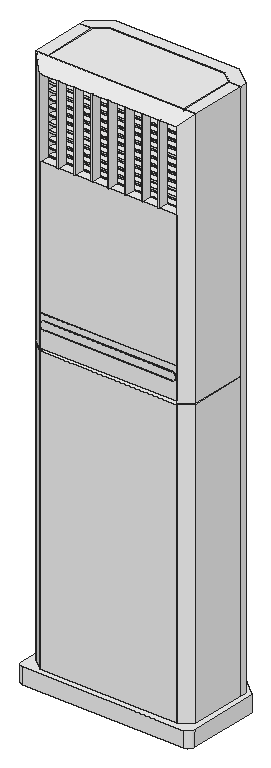
Revit family
Parameters (values of type "KO-M.E Office elec air conditioner AP-N1830 (525*317*1830)")
  Manufacturer = "SAMSUNG"
  Model = "AP-N1830"
  ventilation material = white shine
  upper face material = white shine
  switch material = Stainless Steel, polished 2-1
  side material = white shine
  rester material = white shine
  face material = white shine
  frame material = white shine
  Assembly Code = ""
Reference planes
  plane 1 "중심(앞/뒤)": y = 0
  plane 2: z = 0
  plane 3 "중심(왼쪽/오른쪽)": x = 0
  plane 4: y = 160
  plane 5: y = -160
  plane 6: x = -262.5
  plane 7: x = 262.5
  plane 8: z = 1830
  plane 9: x = -222.5
  plane 10: x = 222.5
  plane 11: y = -130
  plane 12: y = 137
  plane 13: y = 70
  plane 14: z = 50
  plane 15: z = 982
  plane 16: z = 984
  plane 17: z = 980
  plane 18: x = -282.5
  plane 19: x = 282.5
  plane 20: y = 180
  plane 21: y = -180
  plane 22: z = 1355
  plane 23: z = 1357
  plane 24: z = 1353
  plane 25: y = 80.423
  plane 26: y = 52.176
  plane 27: z = 1657.5
  plane 28: z = 1659.5
  plane 29: z = 1655.5
  plane 30: z = 1683.5
  plane 31: z = 1679.5
  plane 32: z = 1707.5
  plane 33: z = 1703.5
  plane 34: z = 1727.5
  plane 35: z = 1731.5
  plane 36: z = 1751.5
  plane 37: z = 1755.5
  plane 38: z = 1775.5
  plane 39: z = 1779.5
  plane 40: z = 1631.5
  plane 41: z = 1635.5
  plane 42: z = 1607.5
  plane 43: z = 1611.5
  plane 44: z = 1587.5
  plane 45: z = 1583.5
  plane 46: z = 1563.5
  plane 47: z = 1559.5
  plane 48: z = 1539.5
  plane 49: z = 1535.5
  plane 50: x = -2.5
  plane 51: x = 2.5
  plane 52: x = -57.5
  plane 53: x = -52.5
  plane 54: x = -112.5
  plane 55: x = -107.5
  plane 56: x = -167.5
  plane 57: x = -162.5
  plane 58: x = 57.5
  plane 59: x = 52.5
  plane 60: x = 112.5
  plane 61: x = 107.5
  plane 62: x = 167.5
  plane 63: x = 162.5
Forms (mm)
  Extrusion 1, solid, material "white shine" <- "face material"
    sketch origin (0, 0, 0) x (1, 0, 0) y (0, 1, 0)
      loop
        line (-222.5, -130) -> (-222.5, -160) -> (222.5, -160) -> (222.5, -130) -> (-222.5, -130)
    from 50 to 980
  Extrusion 2, solid, material "white shine" <- "face material"
    sketch origin (0, 0, 0) x (1, 0, 0) y (0, 1, 0)
      loop
        line (-222.5, -130) -> (-222.5, -160) -> (222.5, -160) -> (222.5, -130) -> (-222.5, -130)
    from 1093.864 to 1534
  Extrusion 3, solid, material "white shine" <- "rester material"
    sketch origin (0, 0, 0) x (1, 0, 0) y (0, 1, 0)
      loop
        line (-262.5, -180) -> (262.5, -180)
        arc (262.5, -180) -> (276.642, -174.142) -> (282.5, -160) r 20
        line (282.5, -160) -> (282.5, 70) -> (202.653, 137) -> (-202.653, 137) -> (-282.5, 70) -> (-282.5, -160)
        arc (-282.5, -160) -> (-276.642, -174.142) -> (-262.5, -180) r 20
    from 0 to 50
  Extrusion 4, solid
    sketch origin (0, 0, 0) x (1, 0, 0) y (0, 1, 0)
      loop
        line (-222.5, -84.116) -> (222.5, -84.116) -> (222.5, -50.95) -> (-222.5, -50.95) -> (-222.5, -84.116)
    from 0 to 1790
  Extrusion 5, solid, material "white shine" <- "side material"
    sketch origin (0, 0, 0) x (1, 0, 0) y (0, 1, 0)
      loop
        line (-262.5, 70) -> (-262.5, 52.176) -> (-222.5, 52.176) -> (-187.5, 80.423) -> (187.5, 80.423) -> (222.5, 52.176) -> (262.5, 52.176) -> (262.5, 70) -> (198.784, 121.423) -> (-201.216, 121.423) -> (-262.5, 70)
    from 0 to 1830
  Sweep 6, solid, material "white shine" <- "frame material"
    path origin (0, 0, 0) x (1, 0, 0) y (0, 0, 1)
      loop
        line (-262.5, 980) -> (-262.5, 50)
    profile origin (0, 0, 515) x (0, -1, 0) y (1, 0, 0)
      loop
        line (130, -262.5) -> (160, -222.5) -> (130, -222.5) -> (130, -262.5)
  Sweep 7, solid, material "white shine" <- "frame material"
    path origin (0, 0, 0) x (1, 0, 0) y (0, 0, 1)
      loop
        line (262.5, 984) -> (262.5, 1830) -> (-262.5, 1830) -> (-262.5, 984)
    profile origin (0, 0, 1407) x (0, -1, 0) y (1, 0, 0)
      loop
        line (130, -262.5) -> (160, -222.5) -> (130, -222.5) -> (130, -262.5)
  Extrusion 8, solid, material "white shine" <- "side material"
    sketch origin (0, 0, 0) x (1, 0, 0) y (0, 1, 0)
      loop
        line (-262.5, 52.176) -> (-262.5, -130) -> (-222.5, -130) -> (-222.5, 52.176) -> (-262.5, 52.176)
      loop
        line (222.5, 52.176) -> (222.5, -130) -> (262.5, -130) -> (262.5, 52.176) -> (222.5, 52.176)
    from 984 to 1830
  Extrusion 9, solid, material "white shine" <- "side material"
    sketch origin (0, 0, 0) x (1, 0, 0) y (0, 1, 0)
      loop
        line (-262.5, 52.176) -> (-262.5, -130) -> (-222.5, -130) -> (-222.5, 52.176) -> (-262.5, 52.176)
      loop
        line (222.5, 52.176) -> (222.5, -130) -> (262.5, -130) -> (262.5, 52.176) -> (222.5, 52.176)
    from 50 to 980
  Sweep 10, solid, material "white shine" <- "frame material"
    path origin (0, 0, 0) x (1, 0, 0) y (0, 0, 1)
      loop
        line (262.5, 980) -> (262.5, 50)
    profile origin (0, 0, 515) x (0, -1, 0) y (1, 0, 0)
      loop
        line (130, 222.5) -> (160, 222.5) -> (130, 262.5) -> (130, 222.5)
  Extrusion 11, solid, material "white shine" <- "upper face material"
    sketch origin (0, 0, 0) x (1, 0, 0) y (0, 1, 0)
      loop
        line (-222.5, -130) -> (222.5, -130) -> (222.5, 52.176) -> (187.5, 80.423) -> (-187.5, 80.423) -> (-222.5, 52.176) -> (-222.5, -130)
    from 1790 to 1830
  Extrusion 12, solid, material "white shine" <- "face material"
    sketch origin (0, 0, -99.225) x (1, 0, 0) y (0, 1, 0)
      loop
        line (-222.5, -130) -> (-222.5, -160) -> (222.5, -160) -> (222.5, -130) -> (-222.5, -130)
    from 1089 to 1191.09
  Extrusion 13, void
    sketch origin (0, 0, 0) x (1, 0, 0) y (0, 0, 1)
      loop
        arc (-207.814, 1072.864) -> (-222.785, 1057.893) -> (-207.814, 1042.922) r 14.971
        line (-207.814, 1042.922) -> (212.158, 1042.922)
        arc (212.158, 1042.922) -> (222.418, 1058.767) -> (209.865, 1072.864) r 15.574
        line (209.865, 1072.864) -> (-207.814, 1072.864)
    from 130 to 160
  Extrusion 14, solid, material "Stainless Steel, polished 2-1" <- "switch material"
    sketch origin (0, 0, 0) x (1, 0, 0) y (0, 0, 1)
      loop
        arc (-208.976, 1070.864) -> (-221.947, 1057.893) -> (-208.976, 1044.922) r 12.971
        line (-208.976, 1044.922) -> (206.879, 1044.922)
        arc (206.879, 1044.922) -> (219.85, 1057.893) -> (206.879, 1070.864) r 12.971
        line (206.879, 1070.864) -> (-208.976, 1070.864)
    from 130 to 160
  Extrusion 15, solid, material "white shine" <- "ventilation material"
    sketch origin (0, 0, 0) x (1, 0, 0) y (0, 0, 1)
      loop
        line (-222.5, 1779.5) -> (-222.5, 1775.5) -> (222.5, 1775.5) -> (222.5, 1779.5) -> (-222.5, 1779.5)
      loop
        line (-222.5, 1755.5) -> (-222.5, 1751.5) -> (222.5, 1751.5) -> (222.5, 1755.5) -> (-222.5, 1755.5)
      loop
        line (-222.5, 1731.5) -> (-222.5, 1727.5) -> (222.5, 1727.5) -> (222.5, 1731.5) -> (-222.5, 1731.5)
      loop
        line (-222.5, 1707.5) -> (-222.5, 1703.5) -> (222.5, 1703.5) -> (222.5, 1707.5) -> (-222.5, 1707.5)
      loop
        line (-222.5, 1683.5) -> (-222.5, 1679.5) -> (222.5, 1679.5) -> (222.5, 1683.5) -> (-222.5, 1683.5)
      loop
        line (-222.5, 1535.5) -> (222.5, 1535.5) -> (222.5, 1539.5) -> (-222.5, 1539.5) -> (-222.5, 1535.5)
      loop
        line (-222.5, 1559.5) -> (222.5, 1559.5) -> (222.5, 1563.5) -> (-222.5, 1563.5) -> (-222.5, 1559.5)
      loop
        line (-222.5, 1583.5) -> (222.5, 1583.5) -> (222.5, 1587.5) -> (-222.5, 1587.5) -> (-222.5, 1583.5)
      loop
        line (-222.5, 1607.5) -> (222.5, 1607.5) -> (222.5, 1611.5) -> (-222.5, 1611.5) -> (-222.5, 1607.5)
      loop
        line (-222.5, 1631.5) -> (222.5, 1631.5) -> (222.5, 1635.5) -> (-222.5, 1635.5) -> (-222.5, 1631.5)
      loop
        line (-222.5, 1655.5) -> (222.5, 1655.5) -> (222.5, 1659.5) -> (-222.5, 1659.5) -> (-222.5, 1655.5)
    from 110 to 130
  Extrusion 16, solid, material "white shine" <- "ventilation material"
    sketch origin (0, 0, 0) x (1, 0, 0) y (0, 0, 1)
      loop
        line (-2.5, 1790) -> (-2.5, 1534) -> (2.5, 1534) -> (2.5, 1790) -> (-2.5, 1790)
      loop
        line (-57.5, 1790) -> (-57.5, 1534) -> (-52.5, 1534) -> (-52.5, 1790) -> (-57.5, 1790)
      loop
        line (-112.5, 1790) -> (-112.5, 1534) -> (-107.5, 1534) -> (-107.5, 1790) -> (-112.5, 1790)
      loop
        line (-167.5, 1790) -> (-167.5, 1534) -> (-162.5, 1534) -> (-162.5, 1790) -> (-167.5, 1790)
      loop
        line (57.5, 1790) -> (52.5, 1790) -> (52.5, 1534) -> (57.5, 1534) -> (57.5, 1790)
      loop
        line (112.5, 1790) -> (107.5, 1790) -> (107.5, 1534) -> (112.5, 1534) -> (112.5, 1790)
      loop
        line (167.5, 1790) -> (162.5, 1790) -> (162.5, 1534) -> (167.5, 1534) -> (167.5, 1790)
    from 130 to 160
Cuts and joins
  Extrusion 13 cuts Extrusion 1
  Extrusion 13 cuts Extrusion 2
  Extrusion 13 cuts Extrusion 3
  Extrusion 13 cuts Extrusion 4
  Extrusion 13 cuts Extrusion 5
  Extrusion 13 cuts Sweep 6
  Extrusion 13 cuts Sweep 7
  Extrusion 13 cuts Extrusion 8
  Extrusion 13 cuts Extrusion 9
  Extrusion 13 cuts Sweep 10
  Extrusion 13 cuts Extrusion 11
  Extrusion 13 cuts Extrusion 12
Lines and regions (mm)
  symbolic lines
    curve 1: line (202.653, 137, 0) -> (-202.653, 137, 0)
    curve 2: line (-202.653, 137, 0) -> (-282.5, 70, 0)
    curve 3: line (-282.5, 70, 0) -> (-282.5, -160, 0)
    curve 4: arc (-282.5, -160, 0) -> (-276.642, -174.142, 0) -> (-262.5, -180, 0) r 20
    curve 5: line (-262.5, -180, 0) -> (262.5, -180, 0)
    curve 6: arc (262.5, -180, 0) -> (276.642, -174.142, 0) -> (282.5, -160, 0) r 20
    curve 7: line (282.5, -160, 0) -> (282.5, 70, 0)
    curve 8: line (282.5, 70, 0) -> (202.653, 137, 0)
Dimensions and locks
  aligned and locked: Extrusion 3 to plane 12
